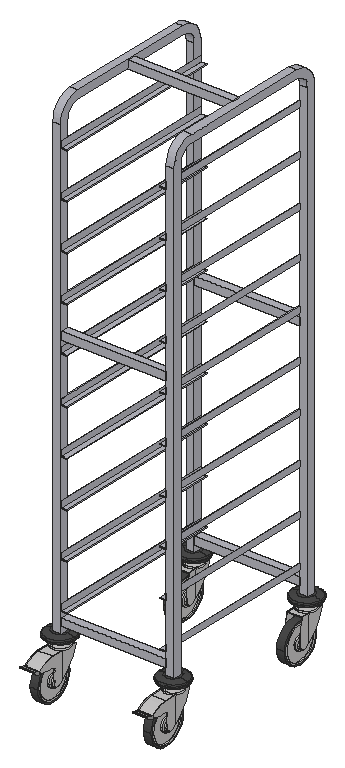
Revit family "QF_BOURGEAT_EXEPTIO_Gamme_renforcée_Soudés", category Equipement spécialisé, Revit 2015
Parameters (values of type "GN1/1-10 niveaux - Espacement 134 mm")
  URL catalogue = "http://www.bourgeat.fr"
  URL = ""
  Type article = ""
  Spécification du Fabricant = "Chariot à glissières soudés"
  Profondeur hors tout = 630 mm
  Profondeur echelle = Profondeur hors tout - 75 mm  # 555 mm
  Poids net à vide = 0.00 kg
  Niveaux = 10
  Modèle = "775710"
  Longueur hors tout = 460 mm
  Hauteur hors tout = 1700 mm
  Hauteur echelle = Hauteur hors tout - 159.4 mm  # 1540.6 mm
  Fabricant = "BOURGEAT"
  Entrée = 325 mm
  Description = ""
  Contact SAV = "0033(4).76.32.14.44"
  Type Comments = ""
  Charge maximale = "20 kg par glissière; 250kg par chariot"
  Charge max = 250.00 kg
  Certification = "NF Alimentaire"
  Barre renfort = Longueur hors tout - 125 mm  # 335 mm
  Barre de renfort milieu = yes
Types (14, lengths in mm): name | Profondeur hors tout | Profondeur echelle | Niveaux | Modèle | Longueur hors tout | Hauteur hors tout | Hauteur echelle | Entrée | Barre renfort | Barre de renfort milieu
  (no name) | 630 | 555 | 10 | "775710" | 460 | 1700 | 1540.6 | 325 | 335 | yes
  GN1/1-10 niveaux - Espacement 134 mm | 630 | 555 | 10 | "775710" | 460 | 1700 | 1540.6 | 325 | 335 | yes
  GN1/1-15 niveaux - Espacement 89 mm | 630 | 555 | 15 | "775715" | 460 | 1700 | 1540.6 | 325 | 335 | yes
  GN1/1-20 niveaux - Espacement 75mm | 630 | 555 | 20 | "775820" | 460 | 1770 | 1610.6 | 325 | 335 | yes
  GN1/1-20 niveaux - Espacement 67 mm | 630 | 555 | 20 | "775720" | 460 | 1700 | 1540.6 | 325 | 335 | yes
  GN2/1-10 niveaux - Espacement 134 mm | 750 | 675 | 10 | "774710" | 660 | 1700 | 1540.6 | 530 | 535 | yes
  GN2/1-15 niveaux - Espacement 89 mm | 750 | 675 | 15 | "774715" | 660 | 1700 | 1540.6 | 530 | 535 | yes
  GN2/1-20 niveaux - Espacement 75 mm | 750 | 675 | 20 | "774820" | 660 | 1770 | 1610.6 | 530 | 535 | yes
  GN2/1-20 niveaux - Espacement 67 mm | 750 | 675 | 20 | "774720" | 660 | 1700 | 1540.6 | 530 | 535 | yes
  "Pâtissier" 600x400-15 niveaux - Espacement 89 mm | 700 | 625 | 15 | "773715" | 540 | 1700 | 1540.6 | 410 | 415 | yes
  "Pâtissier" 600x400-20 niveaux - Espacement 67 mm | 700 | 625 | 20 | "773720" | 540 | 1700 | 1540.6 | 410 | 415 | yes
  "Pâtissier" 400x600-15 niveaux - Espacement 89 mm | 500 | 425 | 15 | "772715" | 730 | 1700 | 1540.6 | 600 | 605 | yes
  "Pâtissier" 400x600-20 niveaux - Espacement 67 mm | 500 | 425 | 20 | "772720" | 730 | 1700 | 1540.6 | 600 | 605 | yes
  "Traiteur" 600x400-30 niveaux - Espacement 44.5 mm | 700 | 625 | 30 | "773730" | 530 | 1770 | 1610.6 | 400 | 405 | no
Reference planes
  plane 1 "Centre (avant/arrière)": y = 0
  plane 2: z = 0
  plane 3 "Centre (gauche/droite)": x = 0
  plane 4: y = 315
  plane 5: y = -315
  plane 6: x = -230
  plane 7: x = 230
  plane 8: x = -180
  plane 9: x = 180
  plane 10: y = -265
  plane 11: y = 265
  plane 12: z = 159.41
  plane 13: z = 1700
  plane 14: z = 203
  plane 15: z = 943.91
  plane 16: z = 1018.91
Dimensions and locks
  equal spacing: plane 6, plane 3 "Centre (gauche/droite)", plane 7
  equal spacing: plane 4, plane 1 "Centre (avant/arrière)", plane 5
  "Longueur hors tout": plane 6 to plane 7
  "Profondeur hors tout": plane 4 to plane 5
  locked: plane 4 to plane 11 at 50
  locked: plane 10 to plane 5 at 50
  locked: plane 9 to plane 7 at 50
  locked: plane 6 to plane 8 at 50
  locked: plane 12 to plane 2 at 159.41
  "Hauteur hors tout": plane 13 to level
  plane 14 to level = 203 mm
  plane 15 to plane 12 = 784.5 mm
  plane 16 to plane 12 = 859.5 mm
  aligned and locked: level to plane 2
  aligned and locked: plane 11 to nested 3
  aligned and locked: nested 3 to plane 9
  aligned and locked: nested 4 to plane 8
  aligned and locked: plane 11 to nested 4
  aligned and locked: plane 10 to nested 1
  aligned and locked: nested 1 to plane 8
  aligned and locked: plane 10 to nested 2
  aligned and locked: nested 2 to plane 9
  aligned and locked: nested 5 to plane 9
  aligned and locked: nested 6 to plane 8
  aligned and locked: nested 5 to plane 12
  aligned and locked: plane 12 to nested 6
  aligned and locked: nested 7 to plane 11
  aligned and locked: nested 7 to plane 14
  aligned and locked: nested 8 to plane 10
  aligned and locked: plane 13 to nested 9
  aligned and locked: plane 1 "Centre (avant/arrière)" to nested 9
  aligned and locked: nested 11 to plane 16
  aligned and locked: nested 10 to plane 15
  aligned and locked: nested 11 to plane 10
  aligned and locked: nested 10 to plane 11
Nested families
  nested 1: "ROULETTE" at (-180, -265, 0) x (-1, 0, 0) z (0, 0, 1), type "ROULETTE"
    with Sans frein no, Avec frein yes
  nested 2: "ROULETTE" at (180, -265, 0) x (-1, 0, 0) z (0, 0, 1), type "ROULETTE"
    with Sans frein no, Avec frein yes
  nested 3: "ROULETTE" at (180, 265, 0) x (-1, 0, 0) z (0, 0, 1), type "ROULETTE"
    with Sans frein yes, Avec frein no
  nested 4: "ROULETTE" at (-180, 265, 0) x (-1, 0, 0) z (0, 0, 1), type "ROULETTE"
    with Sans frein yes, Avec frein no
  nested 5: "Echelle soudée arrondie" at (180, 0, 159.41) x (0, -1, 0) z (0, 0, 1), Hauteur <- "Hauteur echelle", Niveaux <- "Niveaux", type "Echelle soudée arrondie"
    with Niveaux 10, Hauteur 1540.6 mm, Profondeur 555 mm
  nested 6: "Echelle soudée arrondie" at (-180, 0, 159.41) x (0, -1, 0) z (0, 0, 1), Hauteur <- "Hauteur echelle", Niveaux <- "Niveaux", type "Echelle soudée arrondie"
    with Niveaux 10, Hauteur 1540.6 mm, Profondeur 555 mm
  nested 7: "Barre de renfort" at (0, 265, 215.5), type "Barre de renfort"
    with Longueur 335 mm
  nested 8: "Barre de renfort" at (0, -265, 215.5), type "Barre de renfort"
    with Longueur 335 mm
  nested 9: "Barre de renfort" at (0, 0, 1687.5), type "Barre de renfort"
    with Longueur 335 mm
  nested 10: "Barre de renfort" at (0, 265, 956.41), visible <- "Barre de renfort milieu", type "Barre de renfort"
    with Longueur 335 mm
  nested 11: "Barre de renfort" at (0, -265, 1031.41), visible <- "Barre de renfort milieu", type "Barre de renfort"
    with Longueur 335 mm
Definition of nested family "ROULETTE"
  Parameters (values of type "ROULETTE")
    Sans frein [instance] = yes
    Avec frein [instance] = yes
  Reference planes
    plane 1 "Centre (avant/arrière)": y = 0
    plane 2: z = 0
    plane 3 "Centre (gauche/droite)": x = 0
    plane 4: y = 40.851
    plane 5: z = 62.5
  Forms (mm)
    Extrusion 1, solid
      sketch origin (0, 0, 0) x (0, 1, 0) y (0, 0, 1)
        loop
          circle (40.851, 62.5) r 62.5
        loop
          circle (40.851, 62.5) r 57.5
      from -12.5 to 12.5
    Revolve 2, solid
      sketch origin (0, 0, 30.333) x (1, 0, 0) y (0, 0, 1)
        loop
          line (0, 151.667) -> (-25, 151.667) -> (-45.338, 146.217)
          arc (-45.338, 146.217) -> (-46.897, 145.175) -> (-47.5, 143.4) r 2.917
          line (-47.5, 143.4) -> (-47.5, 138.833)
          arc (-47.5, 138.833) -> (-47.012, 137.655) -> (-45.833, 137.167) r 1.667
          line (-45.833, 137.167) -> (-24.607, 137.167) -> (-24, 132.667) -> (0, 132.667) -> (0, 151.667)
        axis (0, 151.667) -> (0, 132.667)
      angle from 0 to 360
    Revolve 3, solid
      sketch origin (0, 0, 0) x (0, 1, 0) y (0, 0, 1)
        loop
          line (0, 163) -> (-20.149, 163) -> (-20.149, 159.41) -> (-21.6, 159.41)
          arc (-21.6, 159.41) -> (-24.448, 158.65) -> (-26.537, 156.572) r 5.712
          line (-26.537, 156.572) -> (-30.146, 147.743) -> (-26.999, 147.062) -> (-26.999, 146.112)
          arc (-26.999, 146.112) -> (-27.23, 145.314) -> (-27.849, 144.761) r 1.5
          arc (-27.849, 144.761) -> (-29.223, 143.633) -> (-29.923, 142) r 3.75
          line (-29.923, 142) -> (0, 142) -> (0, 163)
        axis (0, 163) -> (0, 142)
      angle from 0 to 360
    Extrusion 4, solid
      sketch origin (0, 0, 0) x (0, 1, 0) y (0, 0, -1)
        loop
          line (-29.974, -138.241) -> (-29.974, -142) -> (21.747, -142) -> (21.747, -60.336)
          arc (21.747, -60.336) -> (10.272, -70.702) -> (-0.149, -82.127) r 160.057
          arc (-0.149, -82.127) -> (-17.883, -108.684) -> (-29.974, -138.241) r 159.585
      from -24.913 to -23.038
    Extrusion 5, solid
      sketch origin (0, 0, 0) x (0, 1, 0) y (0, 0, 1)
        loop
          line (-29.974, 142) -> (-29.974, 140.869) -> (21.747, 140.869) -> (21.747, 142) -> (-29.974, 142)
      from -23.038 to 23.038
    Extrusion 6, solid
      sketch origin (0, 0, 0) x (0, 1, 0) y (0, 0, 1)
        loop
          circle (40.851, 62.5) r 57.5
        loop
          circle (40.851, 62.5) r 55
      from -12.5 to 12.5
    Extrusion 7, solid
      sketch origin (0, 0, 0) x (0, 1, 0) y (0, 0, 1)
        loop
          circle (40.851, 62.5) r 55
      from -7 to 7
    Extrusion 8, solid
      sketch origin (0, 0, 0) x (0, 1, 0) y (0, 0, 1)
        loop
          circle (40.851, 62.5) r 21
      from 7 to 15
    Extrusion 9, solid
      sketch origin (0, 0, 0) x (0, 1, 0) y (0, 0, -1)
        loop
          circle (40.851, -62.5) r 16
      from -23.038 to -15
    Extrusion 10, solid, visible <- "Sans frein"
      sketch origin (0, 0, 0) x (0, 1, 0) y (0, 0, 1)
        loop
          arc (21.747, 60.336) -> (23.188, 59.17) -> (24.642, 58.02) r 161.23
          arc (24.642, 58.02) -> (29.34, 54.513) -> (34.187, 51.216) r 133.333
          arc (34.187, 51.216) -> (46.517, 50.3) -> (53.927, 60.198) r 12.867
          arc (53.927, 60.198) -> (54.714, 99.183) -> (46.119, 137.216) r 161.222
          arc (46.119, 137.216) -> (45.679, 138.887) -> (45.531, 140.609) r 10.076
          line (45.531, 140.609) -> (45.531, 142) -> (21.747, 142) -> (21.747, 60.336)
      from 23.038 to 24.913
    Extrusion 11, solid, visible <- "Sans frein"
      sketch origin (0, 0, 0) x (0, 1, 0) y (0, 0, 1)
        loop
          line (21.747, 142) -> (21.747, 140.701) -> (48.851, 140.701) -> (48.851, 142) -> (21.747, 142)
      from -23.038 to 23.038
    Extrusion 12, solid, visible <- "Avec frein"
      sketch origin (0, 0, 0) x (0, 1, 0) y (0, 0, 1)
        loop
          line (21.747, 142) -> (21.747, 60.336)
          arc (21.747, 60.336) -> (23.177, 59.179) -> (24.62, 58.038) r 160.008
          arc (24.62, 58.038) -> (29.041, 54.705) -> (33.574, 51.527) r 160
          arc (33.574, 51.527) -> (46.135, 50.422) -> (53.724, 60.491) r 13
          arc (53.724, 60.491) -> (55.279, 82.092) -> (53.902, 103.704) r 160
          arc (53.902, 103.704) -> (55.53, 108.653) -> (60.415, 110.463) r 6
          arc (60.415, 110.463) -> (80.625, 109.924) -> (100.725, 112.107) r 150
          arc (100.725, 112.107) -> (104.408, 113.406) -> (107.479, 115.819) r 12
          line (107.479, 115.819) -> (110.851, 121.523)
          arc (110.851, 121.523) -> (85.913, 134.651) -> (58.706, 142) r 127.902
          line (58.706, 142) -> (21.747, 142)
      from 23.038 to 24.913
    Extrusion 13, solid, visible <- "Avec frein"
      sketch origin (0, 0, 0) x (0, 1, 0) y (0, 0, 1)
        loop
          line (58.706, 142) -> (21.747, 142) -> (21.747, 140) -> (58.552, 140)
          arc (58.552, 140) -> (85.253, 132.762) -> (109.73, 119.866) r 125.902
          line (109.73, 119.866) -> (110.851, 121.523)
          arc (110.851, 121.523) -> (85.913, 134.651) -> (58.706, 142) r 127.902
      from -23.038 to 23.038
    Extrusion 14, solid, visible <- "Avec frein"
      sketch origin (0, 19.896, 18.175) x (0, 1, 0) y (0, 0, 1)
        loop
          line (87.583, 97.644) -> (91.829, 95.227)
          arc (91.829, 95.227) -> (93.8, 95.006) -> (95.312, 96.29) r 2.5
          arc (95.312, 96.29) -> (103.495, 100.002) -> (111.176, 104.666) r 74.999
          line (111.176, 104.666) -> (110.852, 105.929)
          arc (110.852, 105.929) -> (110.04, 107.086) -> (108.666, 107.417) r 2
          arc (108.666, 107.417) -> (101.396, 105.849) -> (94.512, 103.034) r 42.354
          line (94.512, 103.034) -> (93.479, 101.228) -> (93.285, 100.414) -> (91.69, 101.675) -> (90.401, 102.412) -> (87.583, 97.644)
      from -23.038 to 23.038
    Extrusion 15, solid, not visible
      sketch origin (0, 0, 0) x (0, 1, 0) y (0, 0, 1)
        loop
          circle (34.167, 52.083) r 52.083
        loop
          circle (34.167, 52.083) r 47.917
      from -12.5 to 12.5
    Revolve 16, solid, not visible
      sketch origin (0, 0, 0) x (1, 0, 0) y (0, 0, 1)
        loop
          line (0, 151.667) -> (-20.833, 151.667) -> (-37.422, 147.222)
          arc (-37.422, 147.222) -> (-38.981, 146.18) -> (-39.583, 144.405) r 2.917
          line (-39.583, 144.405) -> (-39.583, 141.25)
          arc (-39.583, 141.25) -> (-39.095, 140.071) -> (-37.917, 139.583) r 1.667
          line (-37.917, 139.583) -> (-20.506, 139.583) -> (-20, 135.833) -> (0, 135.833) -> (0, 151.667)
        axis (0, 151.667) -> (0, 135.833)
      angle from 0 to 360
    Revolve 17, solid, not visible
      sketch origin (0, 0, 0) x (0, 1, 0) y (0, 0, 1)
        loop
          line (-16.667, 135.833) -> (-16.667, 132.842) -> (-17.876, 132.842)
          arc (-17.876, 132.842) -> (-20.158, 132.259) -> (-21.881, 130.654) r 4.76
          arc (-21.881, 130.654) -> (-23.777, 127.026) -> (-24.997, 123.12) r 22.917
          line (-24.997, 123.12) -> (-22.375, 122.552) -> (-22.375, 121.76)
          arc (-22.375, 121.76) -> (-22.567, 121.095) -> (-23.083, 120.634) r 1.25
          arc (-23.083, 120.634) -> (-24.375, 119.481) -> (-24.854, 117.818) r 3.125
          line (-24.854, 117.818) -> (0, 117.818) -> (0, 135.833) -> (-16.667, 135.833)
        axis (0, 135.833) -> (0, 117.818)
      angle from 0 to 360
    Extrusion 18, solid, not visible
      sketch origin (0, 0, 0) x (0, 1, 0) y (0, 0, -1)
        loop
          line (-24.854, -115.199) -> (-24.854, -117.818) -> (18.247, -117.818) -> (18.247, -50.28) -> (15.456, -52.631) -> (0, -68.439)
          arc (0, -68.439) -> (-14.771, -90.573) -> (-24.854, -115.199) r 133.414
      from -24.913 to -23.038
    Extrusion 19, solid, not visible
      sketch origin (0, 0, 0) x (0, 1, 0) y (0, 0, 1)
        loop
          line (-24.854, 117.818) -> (-24.854, 116.875) -> (18.247, 116.875) -> (18.247, 117.818) -> (-24.854, 117.818)
      from -23.038 to 23.038
    Extrusion 20, solid, not visible
      sketch origin (0, 0, 0) x (0, 1, 0) y (0, 0, 1)
        loop
          circle (34.167, 52.083) r 47.917
        loop
          circle (34.167, 52.083) r 45.833
      from -12.5 to 12.5
    Extrusion 21, solid, not visible
      sketch origin (0, 0, 0) x (0, 1, 0) y (0, 0, 1)
        loop
          circle (34.167, 52.083) r 45.833
        loop
          circle (34.167, 52.083) r 17.5
      from -7 to 7
    Extrusion 22, solid, not visible
      sketch origin (0, 0, 0) x (0, 1, 0) y (0, 0, 1)
        loop
          circle (34.167, 52.083) r 17.5
      from -15 to 15
    Extrusion 23, solid, not visible
      sketch origin (0, 0, 0) x (0, 1, 0) y (0, 0, 1)
        loop
          circle (34.167, 52.083) r 12.5
      from -23.038 to -15
    Extrusion 24, solid, not visible
      sketch origin (0, 0, 0) x (0, 1, 0) y (0, 0, -1)
        loop
          circle (34.167, -52.083) r 12.5
      from -23.038 to -15
    Extrusion 25, solid, not visible
      sketch origin (0, 0, 0) x (0, 1, 0) y (0, 0, 1)
        loop
          arc (-24.854, 115.199) -> (-14.771, 90.573) -> (0, 68.439) r 133.414
          line (0, 68.439) -> (15.456, 52.631) -> (18.247, 50.28) -> (18.247, 117.818) -> (-24.854, 117.818) -> (-24.854, 115.199)
      from -24.913 to -23.038
    Extrusion 26, solid, visible <- "Sans frein", not visible
      sketch origin (0, 0, 0) x (0, 1, 0) y (0, 0, 1)
        loop
          arc (18.247, 50.28) -> (19.439, 49.316) -> (20.641, 48.365) r 133.34
          arc (20.641, 48.365) -> (24.325, 45.588) -> (28.103, 42.939) r 133.333
          arc (28.103, 42.939) -> (38.57, 42.018) -> (44.895, 50.409) r 10.833
          arc (44.895, 50.409) -> (45.499, 82.529) -> (38.403, 113.861) r 133.333
          arc (38.403, 113.861) -> (38.039, 115.243) -> (37.917, 116.667) r 8.333
          line (37.917, 116.667) -> (37.917, 117.818) -> (18.247, 117.818) -> (18.247, 50.28)
      from 23.038 to 24.913
    Extrusion 27, solid, visible <- "Sans frein", not visible
      sketch origin (0, 0, 0) x (0, 1, 0) y (0, 0, -1)
        loop
          line (18.247, -50.28) -> (18.247, -117.818) -> (37.917, -117.818) -> (37.917, -116.667)
          arc (37.917, -116.667) -> (38.039, -115.243) -> (38.403, -113.861) r 8.333
          arc (38.403, -113.861) -> (45.499, -82.529) -> (44.895, -50.409) r 133.333
          arc (44.895, -50.409) -> (38.57, -42.018) -> (28.103, -42.939) r 10.833
          arc (28.103, -42.939) -> (24.325, -45.588) -> (20.641, -48.365) r 133.333
          arc (20.641, -48.365) -> (19.439, -49.316) -> (18.247, -50.28) r 133.34
      from 23.038 to 24.913
    Extrusion 28, solid, visible <- "Sans frein", not visible
      sketch origin (0, 0, 0) x (0, 1, 0) y (0, 0, 1)
        loop
          line (18.247, 117.818) -> (18.247, 116.875) -> (37.917, 116.875) -> (37.917, 117.818) -> (18.247, 117.818)
      from -23.038 to 23.038
    Extrusion 29, solid, visible <- "Avec frein", not visible
      sketch origin (0, 0, 0) x (0, 1, 0) y (0, 0, 1)
        loop
          arc (18.247, 50.28) -> (19.439, 49.316) -> (20.641, 48.365) r 133.34
          arc (20.641, 48.365) -> (24.325, 45.588) -> (28.103, 42.939) r 133.333
          arc (28.103, 42.939) -> (38.57, 42.018) -> (44.895, 50.409) r 10.833
          arc (44.895, 50.409) -> (46.191, 68.96) -> (44.895, 87.51) r 133.333
          arc (44.895, 87.51) -> (46.675, 90.916) -> (50.346, 92.053) r 5
          arc (50.346, 92.053) -> (67.188, 91.603) -> (83.937, 93.422) r 125
          arc (83.937, 93.422) -> (87.006, 94.505) -> (89.566, 96.516) r 10
          line (89.566, 96.516) -> (92.375, 101.269) -> (92.894, 102.146)
          arc (92.894, 102.146) -> (72.773, 111.524) -> (51.484, 117.818) r 149.407
          line (51.484, 117.818) -> (18.247, 117.818) -> (18.247, 50.28)
      from 23.038 to 24.913
    Extrusion 30, solid, visible <- "Avec frein", not visible
      sketch origin (0, 0, 0) x (0, 1, 0) y (0, 0, 1)
        loop
          line (18.247, 117.818) -> (18.247, 116.918) -> (51.387, 116.918)
          arc (51.387, 116.918) -> (72.489, 110.669) -> (92.436, 101.371) r 148.507
          line (92.436, 101.371) -> (92.894, 102.146)
          arc (92.894, 102.146) -> (72.773, 111.524) -> (51.484, 117.818) r 149.407
          line (51.484, 117.818) -> (18.247, 117.818)
      from -23.038 to 23.038
    Extrusion 31, solid, visible <- "Avec frein", not visible
      sketch origin (0, 0, 0) x (0, 1, 0) y (0, 0, -1)
        loop
          line (18.247, -50.28) -> (18.247, -117.818) -> (51.484, -117.818)
          arc (51.484, -117.818) -> (72.773, -111.524) -> (92.894, -102.146) r 149.407
          line (92.894, -102.146) -> (92.375, -101.269) -> (89.566, -96.516)
          arc (89.566, -96.516) -> (87.006, -94.505) -> (83.937, -93.422) r 10
          arc (83.937, -93.422) -> (67.188, -91.603) -> (50.346, -92.053) r 125
          arc (50.346, -92.053) -> (46.675, -90.916) -> (44.895, -87.51) r 5
          arc (44.895, -87.51) -> (46.191, -68.96) -> (44.895, -50.409) r 133.333
          arc (44.895, -50.409) -> (38.57, -42.018) -> (28.103, -42.939) r 10.833
          arc (28.103, -42.939) -> (24.325, -45.588) -> (20.641, -48.365) r 133.333
          arc (20.641, -48.365) -> (19.439, -49.316) -> (18.247, -50.28) r 133.34
      from 23.038 to 24.913
    Extrusion 32, solid, visible <- "Avec frein", not visible
      sketch origin (0, 0, 0) x (0, 1, 0) y (0, 0, 1)
        loop
          line (92.988, 99.875) -> (89.934, 101.621) -> (87.583, 97.644) -> (93.104, 94.501)
          arc (93.104, 94.501) -> (94.747, 94.317) -> (96.006, 95.387) r 2.083
          arc (96.006, 95.387) -> (102.826, 98.48) -> (109.226, 102.367) r 62.499
          line (109.226, 102.367) -> (108.956, 103.42)
          arc (108.956, 103.42) -> (108.28, 104.384) -> (107.135, 104.66) r 1.667
          arc (107.135, 104.66) -> (101.536, 103.565) -> (96.139, 101.716) r 41.633
          arc (96.139, 101.716) -> (95.681, 101.427) -> (95.34, 101.007) r 1.667
          line (95.34, 101.007) -> (94.162, 98.947) -> (92.988, 99.875)
      from -23.038 to 23.038
    Extrusion 33, solid, not visible
      sketch origin (0, 0, 0) x (0, 1, 0) y (0, 0, -1)
        loop
          line (-29.974, -138.241) -> (-29.974, -142) -> (21.747, -142) -> (21.747, -60.336)
          arc (21.747, -60.336) -> (10.272, -70.702) -> (-0.149, -82.127) r 160.057
          arc (-0.149, -82.127) -> (-17.883, -108.684) -> (-29.974, -138.241) r 159.585
      from -24.913 to -23.038
    Extrusion 34, solid, not visible
      sketch origin (0, 0, 0) x (0, 1, 0) y (0, 0, 1)
        loop
          circle (40.851, 62.5) r 21
      from 7 to 15
    Extrusion 35, solid, not visible
      sketch origin (0, 0, 0) x (0, 1, 0) y (0, 0, -1)
        loop
          circle (40.851, -62.5) r 16
      from -23.038 to -15
    Extrusion 36, solid, visible <- "Sans frein", not visible
      sketch origin (0, 0, 0) x (0, 1, 0) y (0, 0, 1)
        loop
          arc (21.747, 60.336) -> (23.188, 59.17) -> (24.642, 58.02) r 161.23
          arc (24.642, 58.02) -> (29.34, 54.513) -> (34.187, 51.216) r 133.333
          arc (34.187, 51.216) -> (46.517, 50.3) -> (53.927, 60.198) r 12.867
          arc (53.927, 60.198) -> (54.714, 99.183) -> (46.119, 137.216) r 161.222
          arc (46.119, 137.216) -> (45.679, 138.887) -> (45.531, 140.609) r 10.076
          line (45.531, 140.609) -> (45.531, 142) -> (21.747, 142) -> (21.747, 60.336)
      from 23.038 to 24.913
    Extrusion 37, solid, visible <- "Avec frein", not visible
      sketch origin (0, 0, 0) x (0, 1, 0) y (0, 0, 1)
        loop
          line (21.747, 142) -> (21.747, 60.336)
          arc (21.747, 60.336) -> (23.177, 59.179) -> (24.62, 58.038) r 160.008
          arc (24.62, 58.038) -> (29.041, 54.705) -> (33.574, 51.527) r 160
          arc (33.574, 51.527) -> (46.135, 50.422) -> (53.724, 60.491) r 13
          arc (53.724, 60.491) -> (55.279, 82.092) -> (53.902, 103.704) r 160
          arc (53.902, 103.704) -> (55.53, 108.653) -> (60.415, 110.463) r 6
          arc (60.415, 110.463) -> (80.625, 109.924) -> (100.725, 112.107) r 150
          arc (100.725, 112.107) -> (104.408, 113.406) -> (107.479, 115.819) r 12
          line (107.479, 115.819) -> (110.851, 121.523)
          arc (110.851, 121.523) -> (85.913, 134.651) -> (58.706, 142) r 127.902
          line (58.706, 142) -> (21.747, 142)
      from 23.038 to 24.913
    Extrusion 38, solid
      sketch origin (0, 0, 0) x (0, -1, 0) y (0, 0, -1)
        loop
          arc (29.974, -138.241) -> (17.883, -108.684) -> (0.149, -82.127) r 159.585
          arc (0.149, -82.127) -> (-10.272, -70.702) -> (-21.747, -60.336) r 160.057
          line (-21.747, -60.336) -> (-21.747, -142) -> (29.974, -142) -> (29.974, -138.241)
      from -24.913 to -23.038
    Extrusion 39, solid
      sketch origin (0, 0, 0) x (0, -1, 0) y (0, 0, 1)
        loop
          circle (-40.851, 62.5) r 21
      from 7 to 15
    Extrusion 40, solid
      sketch origin (0, 0, 0) x (0, -1, 0) y (0, 0, -1)
        loop
          circle (-40.851, -62.5) r 16
      from -23.038 to -15
    Extrusion 41, solid, visible <- "Sans frein"
      sketch origin (0, 0, 0) x (0, -1, 0) y (0, 0, 1)
        loop
          line (-21.747, 60.336) -> (-21.747, 142) -> (-45.531, 142) -> (-45.531, 140.609)
          arc (-45.531, 140.609) -> (-45.679, 138.887) -> (-46.119, 137.216) r 10.076
          arc (-46.119, 137.216) -> (-54.714, 99.183) -> (-53.927, 60.198) r 161.222
          arc (-53.927, 60.198) -> (-46.517, 50.3) -> (-34.187, 51.216) r 12.867
          arc (-34.187, 51.216) -> (-29.34, 54.513) -> (-24.642, 58.02) r 133.333
          arc (-24.642, 58.02) -> (-23.188, 59.17) -> (-21.747, 60.336) r 161.23
      from 23.038 to 24.913
    Extrusion 42, solid, visible <- "Avec frein"
      sketch origin (0, 0, 0) x (0, -1, 0) y (0, 0, 1)
        loop
          line (-21.747, 142) -> (-58.706, 142)
          arc (-58.706, 142) -> (-85.913, 134.651) -> (-110.851, 121.523) r 127.902
          line (-110.851, 121.523) -> (-107.479, 115.819)
          arc (-107.479, 115.819) -> (-104.408, 113.406) -> (-100.725, 112.107) r 12
          arc (-100.725, 112.107) -> (-80.625, 109.924) -> (-60.415, 110.463) r 150
          arc (-60.415, 110.463) -> (-55.53, 108.653) -> (-53.902, 103.704) r 6
          arc (-53.902, 103.704) -> (-55.279, 82.092) -> (-53.724, 60.491) r 160
          arc (-53.724, 60.491) -> (-46.135, 50.422) -> (-33.574, 51.527) r 13
          arc (-33.574, 51.527) -> (-29.041, 54.705) -> (-24.62, 58.038) r 160
          arc (-24.62, 58.038) -> (-23.177, 59.179) -> (-21.747, 60.336) r 160.008
          line (-21.747, 60.336) -> (-21.747, 142)
      from 23.038 to 24.913
  Dimensions and locks
    aligned and locked: level to plane 2
Definition of nested family "Echelle soudée arrondie"
  Parameters (values of type "Echelle soudée arrondie")
    Profondeur = 350 mm
    Niveaux [instance] = 15
    Hauteur [instance] = 1200 mm
  Reference planes
    plane 1 "Centre (avant/arrière)": y = 0
    plane 2: z = 0
    plane 3 "Centre (gauche/droite)": x = 0
    plane 4: x = -175
    plane 5: x = 175
    plane 6: z = 1200
    plane 7: z = 1084.833
    plane 8: z = 107.333
  Forms (mm)
    Sweep 1, solid
      path origin (0, 0, 0) x (1, 0, 0) y (0, 0, 1)
        loop
          line (-175, 0) -> (-175, 1131.25)
          arc (-175, 1131.25) -> (-154.864, 1179.864) -> (-106.25, 1200) r 68.75
          line (-106.25, 1200) -> (106.25, 1200)
          arc (106.25, 1200) -> (154.864, 1179.864) -> (175, 1131.25) r 68.75
          line (175, 1131.25) -> (175, 0)
      profile origin (-175, 0, 565.625) x (-1, 0, 0) y (0, -1, 0)
        loop
          line (0, -12.5) -> (0, 12.5) -> (-25, 12.5) -> (-25, -12.5) -> (0, -12.5)
  Dimensions and locks
    "Profondeur": plane 5 to plane 4
    "Hauteur": plane 6 to level
    locked: plane 8 to plane 2 at 107.333
    locked: plane 6 to plane 7 at 115.167
    equal spacing: group 1, group 3, group 4, group 5, group 6, group 7, group 8, group 9, group 10, group 11, group 12, group 13, group 14, group 15, group 2  (x3)
    equal spacing: plane 5, plane 3 "Centre (gauche/droite)", plane 4
    aligned and locked: level to plane 2
    aligned and locked: plane 8 to nested 1
    aligned and locked: plane 7 to nested 2
  Automatic sketch dimensions
    Sweep 1 sketch curve to plane 4 = 0 mm
    Sweep 1 sketch curve to level = 0 mm  (x2)
    Sweep 1 sketch curve to plane 1 "Centre (avant/arrière)" = 12.5 mm
    Sweep 1 sketch curve to profile plane = 0 mm
    profile plane to Sweep 1 sketch curve = 25 mm
    plane 1 "Centre (avant/arrière)" to Sweep 1 sketch curve = 12.5 mm
    plane 4 to Sweep 1 sketch curve = 68.75 mm
    Sweep 1 sketch curve to Sweep 1 sketch curve = 68.75 mm
    Sweep 1 sketch curve to plane 6 = 0 mm
    Sweep 1 sketch curve to plane 5 = 0 mm
  Nested families
    nested 1: "GLISSIERE" at (0, -12.5, 87.333), Long Rail <- "Profondeur", type "GLISSIERE"
      with Long Rail 350 mm
    nested 2: "GLISSIERE" at (0, -12.5, 1064.833), Long Rail <- "Profondeur", type "GLISSIERE"
      with Long Rail 350 mm
    nested 3: "GLISSIERE" at (0, -12.5, 157.155), Long Rail <- "Profondeur", type "GLISSIERE"
      with Long Rail 350 mm
    nested 4: "GLISSIERE" at (0, -12.5, 226.976), Long Rail <- "Profondeur", type "GLISSIERE"
      with Long Rail 350 mm
    nested 5: "GLISSIERE" at (0, -12.5, 296.798), Long Rail <- "Profondeur", type "GLISSIERE"
      with Long Rail 350 mm
    nested 6: "GLISSIERE" at (0, -12.5, 366.619), Long Rail <- "Profondeur", type "GLISSIERE"
      with Long Rail 350 mm
    nested 7: "GLISSIERE" at (0, -12.5, 436.44), Long Rail <- "Profondeur", type "GLISSIERE"
      with Long Rail 350 mm
    nested 8: "GLISSIERE" at (0, -12.5, 506.262), Long Rail <- "Profondeur", type "GLISSIERE"
      with Long Rail 350 mm
    nested 9: "GLISSIERE" at (0, -12.5, 576.083), Long Rail <- "Profondeur", type "GLISSIERE"
      with Long Rail 350 mm
    nested 10: "GLISSIERE" at (0, -12.5, 645.905), Long Rail <- "Profondeur", type "GLISSIERE"
      with Long Rail 350 mm
    nested 11: "GLISSIERE" at (0, -12.5, 715.726), Long Rail <- "Profondeur", type "GLISSIERE"
      with Long Rail 350 mm
    nested 12: "GLISSIERE" at (0, -12.5, 785.548), Long Rail <- "Profondeur", type "GLISSIERE"
      with Long Rail 350 mm
    nested 13: "GLISSIERE" at (0, -12.5, 855.369), Long Rail <- "Profondeur", type "GLISSIERE"
      with Long Rail 350 mm
    nested 14: "GLISSIERE" at (0, -12.5, 925.19), Long Rail <- "Profondeur", type "GLISSIERE"
      with Long Rail 350 mm
    nested 15: "GLISSIERE" at (0, -12.5, 995.012), Long Rail <- "Profondeur", type "GLISSIERE"
      with Long Rail 350 mm
  Definition of nested family "GLISSIERE"
    Parameters (values of type "GLISSIERE")
      Long Rail [instance] = 1000 mm
      Finition = none
    Reference planes
      plane 1 "Centre (avant/arrière)": y = 0
      plane 2: z = 0
      plane 3 "Centre (gauche/droite)": x = 0
      plane 4: x = -500
      plane 5: x = 500
    Forms (mm)
      Extrusion 1, solid, material <- "Finition"
        sketch origin (0, 0, 0) x (0, 1, 0) y (0, 0, 1)
          loop
            line (0, 20) -> (-2, 20) -> (-2, 2) -> (-20, 2) -> (-20, 0) -> (0, 0) -> (0, 20)
        from -500 to 500
    Dimensions and locks
      equal spacing: plane 4, plane 3 "Centre (gauche/droite)", plane 5
      "Long Rail": plane 4 to plane 5
      aligned and locked: level to plane 2
      aligned and locked: Extrusion 1 to plane 4
      aligned and locked: plane 5 to Extrusion 1
    Automatic sketch dimensions
      plane 1 "Centre (avant/arrière)" to Extrusion 1 sketch curve = 2 mm
      level to Extrusion 1 sketch curve = 2 mm
      Extrusion 1 sketch curve to Extrusion 1 sketch curve = 18 mm  (x2)
      Extrusion 1 sketch curve to plane 1 "Centre (avant/arrière)" = 0 mm
      Extrusion 1 sketch curve to level = 0 mm
Definition of nested family "Barre de renfort"
  Parameters (values of type "Barre de renfort")
    Longueur = 1240 mm
  Reference planes
    plane 1 "Centre (avant/arrière)": y = 0
    plane 2: z = 0
    plane 3 "Centre (gauche/droite)": x = 0
    plane 4: x = -620
    plane 5: x = 620
  Forms (mm)
    Extrusion 1, solid
      sketch origin (0, 0, 0) x (0, 1, 0) y (0, 0, 1)
        loop
          line (-12.5, 12.5) -> (-12.5, -12.5) -> (12.5, -12.5) -> (12.5, 12.5) -> (-12.5, 12.5)
      from -620 to 620
  Dimensions and locks
    equal spacing: plane 4, plane 3 "Centre (gauche/droite)", plane 5
    "Longueur": plane 4 to plane 5
    aligned and locked: level to plane 2
    aligned and locked: plane 5 to Extrusion 1
    aligned and locked: Extrusion 1 to plane 4
  Automatic sketch dimensions
    plane 1 "Centre (avant/arrière)" to Extrusion 1 sketch curve = 12.5 mm
    Extrusion 1 sketch curve to plane 1 "Centre (avant/arrière)" = 12.5 mm
    Extrusion 1 sketch curve to level = 12.5 mm
    level to Extrusion 1 sketch curve = 12.5 mm
